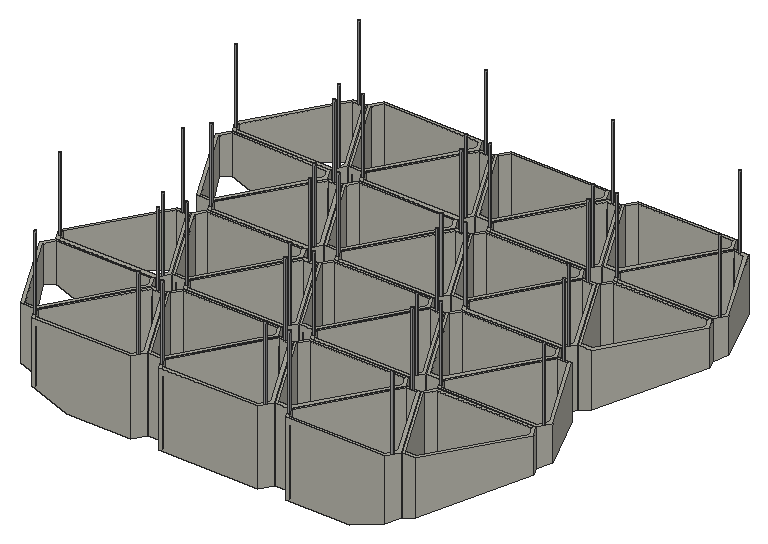
Revit family "Connected Clouds 004", category Generic Models, Revit 2021 (continued)
Automatic sketch dimensions
  Extrusion 26 sketch curve to Extrusion 26 sketch curve = 0' - 1.73205"
  plane 1 "Center (Front/Back)" to Extrusion 26 sketch curve = 1' - 6 3/8"
  Extrusion 26 sketch curve to Extrusion 26 sketch curve = 1' - 3.44412"
  Extrusion 26 sketch curve to Extrusion 26 sketch curve = 0' - 0.86603"
  plane 1 "Center (Front/Back)" to Extrusion 26 sketch curve = 1' - 7 7/8"
  Extrusion 26 sketch curve to Extrusion 26 sketch curve = 0' - 1 1/2"
  Extrusion 26 sketch curve to Extrusion 26 sketch curve = 1' - 1 3/8"
  Extrusion 26 sketch curve to Extrusion 26 sketch curve = 0' - 0 1/2"  (x2)
  Extrusion 26 sketch curve to Extrusion 26 sketch curve = 0' - 0"  (x2)
  Extrusion 27 sketch curve to plane 1 "Center (Front/Back)" = 1' - 3 7/8"  (x2)
  Extrusion 27 sketch curve to plane 3 "Center (Left/Right)" = 3' - 4.12584"
  Extrusion 27 sketch curve to Extrusion 27 sketch curve = 0' - 0.57735"  (x3)
  Extrusion 27 sketch curve to plane 1 "Center (Front/Back)" = 1' - 5 3/8"
  Extrusion 27 sketch curve to Extrusion 27 sketch curve = 0' - 0.28868"  (x4)
  Extrusion 27 sketch curve to plane 1 "Center (Front/Back)" = 0' - 2"
  Extrusion 27 sketch curve to Extrusion 27 sketch curve = 0' - 7.43338"
  Extrusion 27 sketch curve to plane 1 "Center (Front/Back)" = 0' - 2 1/2"
  Extrusion 27 sketch curve to Extrusion 27 sketch curve = 0' - 1.73205"
  Extrusion 27 sketch curve to Extrusion 27 sketch curve = 1' - 3.44412"
  Extrusion 27 sketch curve to Extrusion 27 sketch curve = 0' - 0.86603"
  Extrusion 27 sketch curve to Extrusion 27 sketch curve = 0' - 1 1/2"
  Extrusion 27 sketch curve to Extrusion 27 sketch curve = 0' - 0"
  Extrusion 27 sketch curve to Extrusion 27 sketch curve = 0' - 0 1/2"
  plane 1 "Center (Front/Back)" to Extrusion 28 sketch curve = 1' - 7 7/8"
  Extrusion 28 sketch curve to plane 3 "Center (Left/Right)" = 3' - 4.12584"
  Extrusion 28 sketch curve to Extrusion 28 sketch curve = 0' - 0.57735"  (x3)
  plane 1 "Center (Front/Back)" to Extrusion 28 sketch curve = 1' - 6 3/8"
  Extrusion 28 sketch curve to Extrusion 28 sketch curve = 0' - 0.28868"  (x4)
  Extrusion 28 sketch curve to Extrusion 28 sketch curve = 0' - 7.43338"
  Extrusion 28 sketch curve to Extrusion 28 sketch curve = 0' - 1.73205"
  Extrusion 28 sketch curve to Extrusion 28 sketch curve = 1' - 3.44412"
  Extrusion 28 sketch curve to Extrusion 28 sketch curve = 0' - 0.86603"
  Extrusion 28 sketch curve to Extrusion 28 sketch curve = 0' - 1 1/2"
  Extrusion 28 sketch curve to Extrusion 28 sketch curve = 0' - 0"  (x2)
  Extrusion 28 sketch curve to Extrusion 28 sketch curve = 1' - 1 3/8"
  Extrusion 28 sketch curve to Extrusion 28 sketch curve = 0' - 0 1/2"  (x2)
  Extrusion 16 to curve 76 = 0' - 0"  (x2)
  curve 76 to Extrusion 16 = 0' - 0"
  Extrusion 16 to curve 76 = 0' - 5.83134"
  SweptBlend 29 sketch curve to profile plane = 0' - 0"  (x2)
  SweptBlend 29 sketch curve to profile plane = 0' - 6 3/4"
  SweptBlend 29 sketch curve to profile plane = 1' - 5 7/8"  (x2)
  profile plane to SweptBlend 29 sketch curve = 1' - 6 1/2"
  SweptBlend 29 sketch curve to profile plane = 0' - 4"
  profile plane to SweptBlend 29 sketch curve = 1' - 6"
  SweptBlend 30 sketch curve to profile plane = 0' - 0"  (x2)
  SweptBlend 30 sketch curve to profile plane = 0' - 6 3/4"
  SweptBlend 30 sketch curve to profile plane = 1' - 5 7/8"  (x2)
  profile plane to SweptBlend 30 sketch curve = 1' - 6 1/2"
  SweptBlend 30 sketch curve to SweptBlend 30 sketch curve = 0' - 4"
  profile plane to SweptBlend 30 sketch curve = 1' - 6"
  SweptBlend 31 sketch curve to profile plane = 0' - 0"  (x2)
  profile plane to SweptBlend 31 sketch curve = 0' - 6 3/4"
  SweptBlend 31 sketch curve to profile plane = 1' - 5 7/8"  (x2)
  profile plane to SweptBlend 31 sketch curve = 1' - 6 1/2"
  profile plane to SweptBlend 31 sketch curve = 0' - 4"
  profile plane to SweptBlend 31 sketch curve = 1' - 6"
  SweptBlend 32 sketch curve to profile plane = 0' - 0"  (x2)
  profile plane to SweptBlend 32 sketch curve = 0' - 6 3/4"
  SweptBlend 32 sketch curve to profile plane = 1' - 5 7/8"  (x2)
  profile plane to SweptBlend 32 sketch curve = 1' - 6 1/2"
  SweptBlend 32 sketch curve to SweptBlend 32 sketch curve = 0' - 4"
  profile plane to SweptBlend 32 sketch curve = 1' - 6"
  Extrusion 8 to Extrusion 33 sketch curve = 1' - 7"
  Extrusion 8 to Extrusion 33 sketch curve = 2' - 9 1/2"
  Extrusion 8 to Extrusion 33 sketch curve = 0' - 0 7/8"  (x8)
  Extrusion 33 sketch curve to Extrusion 33 sketch curve = 0' - 0"  (x6)
  Extrusion 33 sketch curve to Extrusion 33 sketch curve = 0' - 8.37158"  (x5)
  Extrusion 8 to Extrusion 33 sketch curve = 0' - 1 3/4"  (x4)
  Extrusion 33 sketch curve to Extrusion 33 sketch curve = 0' - 10.32014"
  Extrusion 8 to Extrusion 33 sketch curve = 0' - 1 1/8"  (x6)
  Extrusion 33 sketch curve to Extrusion 33 sketch curve = 0' - 1.94856"  (x15)
  Extrusion 33 sketch curve to Extrusion 33 sketch curve = 1' - 4.74316"  (x14)
  Extrusion 33 sketch curve to Extrusion 33 sketch curve = 0' - 3.89711"  (x5)
  Extrusion 33 sketch curve to Extrusion 33 sketch curve = 0' - 3 3/8"  (x9)
  Extrusion 33 sketch curve to Extrusion 33 sketch curve = 1' - 2 1/2"  (x6)
  Extrusion 8 to Extrusion 33 sketch curve = 1' - 3 5/8"  (x3)
  level to curve 82 = 1' - 0"
  curve 82 to plane 3 "Center (Left/Right)" = 5' - 0.12584"
  curve 81 to curve 82 = 0' - 0"  (x2)
  plane 3 "Center (Left/Right)" to curve 82 = 5' - 2.87416"
  radius of Extrusion 33 sketch curve = 0' - 0.14985"  (x42)
